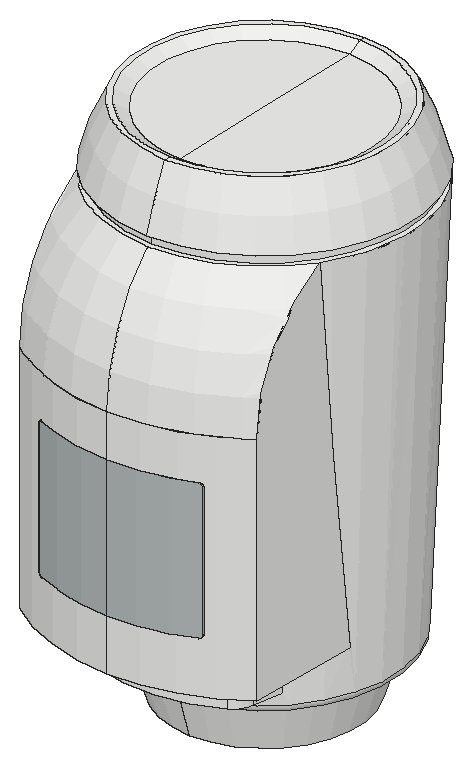
Revit family "Resideo_HR_RadiatorController_HR90a", category Electrical Fixtures, host Face, Revit 2019
Family settings
  Host = Face
  Maintain Annotation Orientation = No
  Round Connector Dimension = Use Diameter
  Part Type = Normal
  OmniClass Number = 23.75.65.11.11
  OmniClass Title = Heating Controllers
  Cut with Voids When Loaded = No
  Shared = No
  Room Calculation Point = No
Parameters (values of type "HR90")
  _ObjectUserGuide = "https://www.bimstore.co/products/radiator-controller-hr90/document/object-user-guide"
  _DistributedBy = "https://www.bimstore.co/"
  _CurrentRevision = 1
  _CreatedBy = "https://www.bimstore.co/"
  _BimSpecGuid = 0
  _BSBibleVersion = 16
  _AuthorizedBy = "bimstore"
  _Author = "RW"
  WarrantyStartDate [instance] = "Please Record On Commissioning."
  WarrantyGuarantorParts = "https://www.resideo.com/gb/en/contact-us/"
  WarrantyGuarantorLabor = "https://www.resideo.com/gb/en/contact-us/"
  WarrantyDurationUnit = "Years"
  WarrantyDurationParts = "0"
  WarrantyDurationLabor = "0"
  WarrantyDescription = "n/a"
  URL = "https://www.resideo.com/"
  TypeName = "HR90 - HR90 Locally Programmable Electronic Thermostatic Radiator Valve Controller"
  Type Comments = "HR90 Locally Programmable Electronic Thermostatic Radiator Valve Controller"
  SpareParts = "n/a"
  Size = "55mm (D) x 55mm (H) x 97mm (L)"
  Shape = "n/a"
  SerialNumber [instance] = "Please Record On Commissioning."
  ReplacementCost = "n/a"
  ReferencedStandard = "n/a"
  ProductionYear = "2022"
  PrimaryMaterial = Resideo - Plastic - White
  NominalLength = 97 mm
  NominalHeight = 55 mm
  NominalDepth = 55 mm
  NBSReference = "n/a"
  NBSOfficeMasterTag = "n/a"
  NBSObjectName = "Resideo - Room temperature sensors"
  NBSNote = "n/a"
  NBSDescription = "Room temperature sensors"
  ModelReference = "HR90 Locally Programmable Electronic Thermostatic Radiator Valve Controller"
  ModelNumber = "HR90"
  Model = "HR90"
  Material = "n/a"
  ManufacturerName = "Resideo"
  Manufacturer = "Resideo"
  Keynote = "W"
  InstallationDate [instance] = "Please Record On Commissioning."
  IfcExportType = "IfcUnitaryControlElementTypeEnum.CONTROLPANEL"
  IfcExportAs = "IfcUnitaryControlElement"
  Grade = "n/a"
  Finish = "n/a"
  Features = "n/a"
  ExpectedLife = 0
  DurationUnit = "Years"
  DocumentationTechnical = "https://www.bimstore.co/products/radiator-controller-hr90/document/technical-data-sheet"
  DocumentationMaintenance = "https://www.bimstore.co/products/radiator-controller-hr90/document/maintenance-information"
  DocumentationLiterature = "https://www.bimstore.co/products/radiator-controller-hr90/document/product-literature"
  DocumentationInstallationGuide = "https://www.bimstore.co/products/radiator-controller-hr90/document/installation-guide"
  DocumentationCertificates = "https://www.bimstore.co/products/radiator-controller-hr90/document/product-certificates"
  DisplayMaterial = Resideo - Screen - Grey
  Description = "HR90 Locally Programmable Electronic Thermostatic Radiator Valve Controller"
  Default Elevation = 0 mm
  CreatedOn = "2022-04-01T09:00:00"
  CreatedBy = "https://www.resideo.com/gb/en/contact-us/"
  Cost = 0
  Constituents = "n/a"
  Color = "n/a"
  CodePerformance = "n/a"
  ClassificationValue = "Pr_75_50_76_73"
  ClassificationName = "Uniclass2015"
  BarCode [instance] = "Please Record On Commissioning."
  BIMObjectName = "Resideo_HR_RadiatorController_HR90"
  AssetType = "Fixed"
  AssetIdentifier [instance] = "n/a"
  Assembly Code = "D3060"
  AccessibilityPerformance = "n/a"
Reference planes
  plane 1 "Center (Front/Back)": y = 0
  plane 2: z = 0
  plane 3 "Center (Left/Right)": x = 0
Forms (mm)
  Revolve 1, solid, material "Resideo - Plastic - White" <- "PrimaryMaterial", detail levels medium+fine
    sketch origin (0, 0, 0) x (0, 1, 0) y (0, 0, 1)
      loop
        line (17.089, 0) -> (20.11, 9.3) -> (22.168, 9.3)
        arc (22.168, 9.3) -> (23.205, 9.717) -> (23.666, 10.735) r 1.5
        line (23.666, 10.735) -> (26.853, 84.6) -> (25.864, 84.6) -> (25.864, 86.38) -> (26.93, 86.38)
        arc (26.93, 86.38) -> (25.257, 91.888) -> (22.821, 97.105) r 40.63
        line (22.821, 97.105) -> (21.828, 97.105) -> (19.516, 95.823) -> (0, 95.823) -> (0, 0) -> (17.089, 0)
      axis (0, 97.105) -> (0, 0)
    angle from 0 to 360
  Extrusion 2, solid, material "Resideo - Plastic - White" <- "PrimaryMaterial", detail levels medium+fine
    sketch origin (0, 0, 26) x (0, 1, 0) y (-1, 0, 0)
      loop
        line (-2.827, 22.645) -> (-34.514, 21.489)
        arc (-34.514, 21.489) -> (-36.189, 0) -> (-34.514, -21.489) r 138.706
        line (-34.514, -21.489) -> (-2.827, -22.645)
        arc (-2.827, -22.645) -> (-22.821, 0) -> (-2.827, 22.645) r 22.821
    from -7.442 to 58.6
  Revolve 3, void
    sketch origin (0, 0, 0) x (0, 1, 0) y (0, 0, 1)
      loop
        line (-26.853, 84.6) -> (-26.853, 88.247) -> (-41.853, 88.247) -> (-41.853, 14.74) -> (-36.189, 14.74) -> (-36.189, 61.495)
        arc (-36.189, 61.495) -> (-33.767, 73.955) -> (-26.853, 84.6) r 33.261
      axis (0, 88.247) -> (0, 14.74)
    angle from 0 to 360
  Extrusion 4, void
    sketch origin (0, 0, 0) x (1, 0, 0) y (0, 0, 1)
      loop
        arc (-14.4, 53.696) -> (-14.824, 53.52) -> (-15, 53.096) r 0.6
        line (-15, 53.096) -> (-15, 28.696)
        arc (-15, 28.696) -> (-14.824, 28.271) -> (-14.4, 28.096) r 0.6
        line (-14.4, 28.096) -> (14.4, 28.096)
        arc (14.4, 28.096) -> (14.824, 28.271) -> (15, 28.696) r 0.6
        line (15, 28.696) -> (15, 53.096)
        arc (15, 53.096) -> (14.824, 53.52) -> (14.4, 53.696) r 0.6
        line (14.4, 53.696) -> (-14.4, 53.696)
    from 30 to 50
  Extrusion 5, solid, material "Resideo - Screen - Grey" <- "DisplayMaterial", detail levels medium+fine
    sketch origin (0, 0, 0) x (1, 0, 0) y (0, 0, 1)
      loop
        arc (-14.4, 53.696) -> (-14.824, 53.52) -> (-15, 53.096) r 0.6
        line (-15, 53.096) -> (-15, 28.696)
        arc (-15, 28.696) -> (-14.824, 28.271) -> (-14.4, 28.096) r 0.6
        line (-14.4, 28.096) -> (14.4, 28.096)
        arc (14.4, 28.096) -> (14.824, 28.271) -> (15, 28.696) r 0.6
        line (15, 28.696) -> (15, 53.096)
        arc (15, 53.096) -> (14.824, 53.52) -> (14.4, 53.696) r 0.6
        line (14.4, 53.696) -> (-14.4, 53.696)
    from 30 to 37
  Extrusion 6, solid, material "Resideo - Plastic - White" <- "PrimaryMaterial", detail levels medium+fine
    sketch origin (0, 0, 26) x (0, 1, 0) y (-1, 0, 0)
      loop
        line (-13.628, 17.29) -> (-22.313, 15.759)
        arc (-22.313, 15.759) -> (-24.118, 14.997) -> (-25.412, 13.526) r 4.393
        arc (-25.412, 13.526) -> (-28.842, 0) -> (-25.412, -13.526) r 28.382
        arc (-25.412, -13.526) -> (-24.118, -14.997) -> (-22.313, -15.759) r 4.393
        line (-22.313, -15.759) -> (-13.628, -17.29) -> (-13.628, 17.29)
    from -13.203 to -7.442
  Revolve 7, solid, material "Resideo - Plastic - White" <- "PrimaryMaterial", detail levels coarse
    sketch origin (0, 0, 0) x (0, 1, 0) y (0, 0, 1)
      loop
        line (23.203, 0) -> (27.393, 97.105) -> (0, 97.105) -> (0, 0) -> (23.203, 0)
      axis (0, 97.105) -> (0, 0)
    angle from 0 to 360
Cuts and joins
  Extrusion 4 cuts Revolve 1
  Revolve 3, Extrusion 4 cuts Extrusion 2
  joined: Revolve 1, Extrusion 2, Extrusion 6
  Revolve 3 cuts Extrusion 5
Dimensions and locks
  aligned and locked: plane 2 to host face
  aligned and locked: level to host face
Connectors
  piping at (0, 0, 0), diameter 30
    settings: on cut or joined group of Revolve 1, Extrusion 2, Revolve 3, Extrusion 4, Extrusion 6, index 1, connector inside diameter 609.6 mm, connector length 0 mm, flow factor 0, pipe flow 0.0 L/s, pressure drop 0.0 Pa, fitting loss kfactor 0, connector angle 0.00°, fixture units 0, engagement length 0 mm, angle of deflection 0.00°, flow configuration 0, flow direction 0, fitting loss method 0, system type 29, joint type 0, gender type 0, connector reference index -1, connector utility 0, adjustable connector no, is connector primary yes, connector description ""
